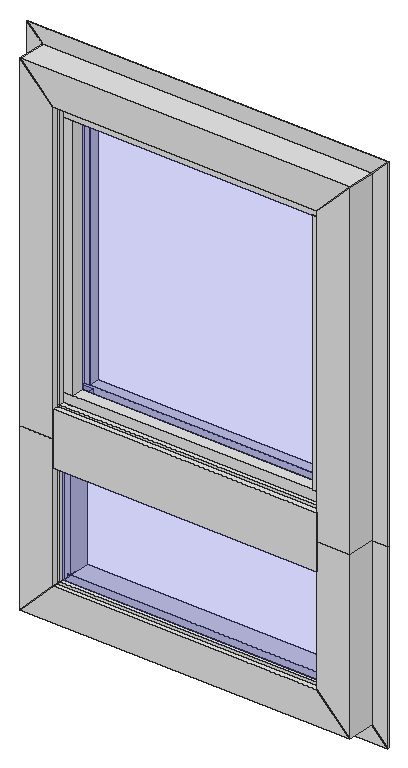
Revit family "511_CA_HR-A_nailfin", category Windows, host Wall, Revit 2016
Family settings
  Host = Wall
  OmniClass Number = 23.30.20.00
  OmniClass Title = Windows
  Always vertical = Yes
  Cut with Voids When Loaded = No
  Shared = No
  Room Calculation Point = No
Parameters (values of type "24x36")
  Rough Width = 4 1/2"
  Rough Height = 4 1/2"
  MLW4 = 1 / 8 * Width  # 3"
  MLW3 = 2.811"
  MLW2 = 3.62422"
  MLW1 = 3.2495"
  MLH = 1 / 2 * Bar Set  # 12"
  MDLW = 18"
  Interior Color [instance] = White
  Height = 36"
  Exterior Color [instance] = White
  Default Sill Height = 31.49606"
  Wall Closure = By host
  Width = 24"
  Bar Set = 24"
Types (36): name | MLW4 | MLH | MDLW | Interior Color | Height | Exterior Color | Width | Bar Set
  (no name) | 3" | 12" | 18" | White | 36" | White | 24" | 24"
  24x48 | 3" | 18" | 18" | none | 48" | none | 24" | 36"
  36x60 | 4 1/2" | 21" | 20" | none | 60" | none | 36" | 42"
  13.5x31.75Min | 1 11/16" | 9 7/8" | 20" | none | 31 3/4" | none | 13 1/2" | 19 3/4"
  36x120Max | 4 1/2" | 30" | 20" | none | 120" | none | 36" | 60"
  24x36 | 3" | 12" | 18" | White | 36" | White | 24" | 24"
  24x42 | 3" | 15" | 18" | none | 42" | none | 24" | 30"
  24x54 | 3" | 18" | 18" | none | 54" | none | 24" | 36"
  24x60 | 3" | 21" | 18" | none | 60" | none | 24" | 42"
  24x66 | 3" | 24" | 18" | none | 66" | none | 24" | 48"
  24x72 | 3" | 27" | 18" | none | 72" | none | 24" | 54"
  24x78 | 3" | 30" | 18" | none | 78" | none | 24" | 60"
  30x36 | 3 3/4" | 12" | 18" | none | 36" | none | 30" | 24"
  30x42 | 3 3/4" | 15" | 18" | none | 42" | none | 30" | 30"
  30x48 | 3 3/4" | 15" | 18" | none | 48" | none | 30" | 30"
  30x54 | 3 3/4" | 18" | 18" | none | 54" | none | 30" | 36"
  30x60 | 3 3/4" | 21" | 18" | none | 60" | none | 30" | 42"
  30x66 | 3 3/4" | 24" | 18" | none | 66" | none | 30" | 48"
  30x72 | 3 3/4" | 27" | 18" | none | 72" | none | 30" | 54"
  30x78 | 3 3/4" | 30" | 18" | none | 78" | none | 30" | 60"
  30x84 | 3 3/4" | 33" | 18" | none | 84" | none | 30" | 66"
  30x90 | 3 3/4" | 36" | 18" | none | 90" | none | 30" | 72"
  36x42 | 4 1/2" | 15" | 20" | none | 42" | none | 36" | 30"
  36x48 | 4 1/2" | 18" | 20" | none | 48" | none | 36" | 36"
  36x54 | 4 1/2" | 21" | 20" | none | 54" | none | 36" | 42"
  36x66 | 4 1/2" | 24" | 20" | none | 66" | none | 36" | 48"
  36x72 | 4 1/2" | 27" | 20" | none | 72" | none | 36" | 54"
  36x78 | 4 1/2" | 30" | 20" | none | 78" | none | 36" | 60"
  36x84 | 4 1/2" | 30" | 20" | none | 84" | none | 36" | 60"
  36x90 | 4 1/2" | 30" | 20" | none | 90" | none | 36" | 60"
  36x96 | 4 1/2" | 30" | 20" | none | 96" | none | 36" | 60"
  36x102 | 4 1/2" | 30" | 20" | none | 102" | none | 36" | 60"
  36x108 | 4 1/2" | 30" | 20" | none | 108" | none | 36" | 60"
  36x114 | 4 1/2" | 30" | 20" | none | 114" | none | 36" | 60"
  30x96 | 3 3/4" | 36" | 18" | none | 96" | none | 30" | 72"
  30x102 | 3 3/4" | 36" | 18" | none | 102" | none | 30" | 72"
Reference planes (in)
  plane 1 "Center (Front/Back)": y = 0
  plane 2 "Center (Left/Right)": x = 0
  plane 3 "Left": x = -12
  plane 4 "Right": x = 12
  plane 5 "Sill": z = 31.49606
  plane 6 "Head": z = 67.49606
  plane 7 "Exterior": y = 3.93701
  plane 8 "Interior": y = -3.93701
  plane 9 "Front of wall": y = 3.93701
  plane 10 "Bar Set": z = 43.49606
  plane 11: z = 33.55806
  plane 12: z = 89.43645
  plane 13: z = 64.74656
  plane 14: x = -9.938
  plane 15: x = -15.68628
  plane 16: x = 9.2505
  plane 17: x = 9.938
  plane 18 "MLW2": x = 8.7505
  plane 19: x = -9.2505
  plane 20: z = 41.87306
  plane 21: z = 45.80656
  plane 22: x = -8.7505
  plane 23 "Front of glass": y = 4.21901
Forms (in)
  Extrusion 1, solid, material "White" <- "Interior Color"
    sketch origin (12, 0, 0) x (0, -1, 0) y (0, 0, 1)
      loop
        line (-4.78995, 34.06142) -> (-4.78995, 32.14816) -> (-5.38701, 32.06425) -> (-5.38701, 31.47606) -> (-5.26201, 31.47606) -> (-5.26201, 31.51606) -> (-5.10865, 31.51606) -> (-5.07401, 31.49606) -> (-4.01201, 31.49606) -> (-4.01201, 30.37106) -> (-3.93701, 30.37106) -> (-3.93701, 31.49606) -> (-1.88701, 31.49606) -> (-1.88701, 33.87106) -> (-2.26201, 33.87106) -> (-2.26201, 34.05906) -> (-2.51251, 34.05806) -> (-2.51251, 33.55806) -> (-3.25701, 33.55806) -> (-3.25701, 34.06142) -> (-4.78995, 34.06142)
    from -1.125 to 25.125
  Extrusion 2, solid, material "White" <- "Interior Color"
    sketch origin (12, 0, 0) x (0, -1, 0) y (0, 0, 1)
      loop
        line (-2.58701, 64.93306) -> (-2.26201, 64.93306) -> (-2.26201, 65.12106) -> (-1.88701, 65.12106) -> (-1.88701, 67.49606) -> (-3.93701, 67.49606) -> (-3.93701, 68.62106) -> (-4.01201, 68.62106) -> (-4.01201, 67.49606) -> (-5.07401, 67.49606) -> (-5.09784, 67.47606) -> (-5.26201, 67.47606) -> (-5.26201, 67.51606) -> (-5.38701, 67.51606) -> (-5.38701, 66.92787) -> (-5.03701, 66.87868) -> (-5.03701, 64.87156) -> (-4.99701, 64.87156) -> (-4.99701, 64.30847) -> (-4.25691, 64.30847) -> (-4.21901, 64.28424) -> (-4.21901, 64.74656) -> (-3.47451, 64.74656) -> (-3.47451, 64.24656) -> (-2.58701, 64.24656) -> (-2.58701, 64.93306)
    from -1.125 to 25.125
  Extrusion 3, solid, material "White" <- "Interior Color"
    sketch origin (0, 0, 43.49606) x (1, 0, 0) y (0, 1, 0)
      loop
        line (11.38262, 5.03701) -> (9.3755, 5.03701) -> (9.3755, 4.99701) -> (8.8125, 4.99701) -> (8.8125, 4.25701) -> (8.7882, 4.21901) -> (9.2505, 4.21901) -> (9.2505, 3.47451) -> (8.7505, 3.47451) -> (8.7505, 2.58701) -> (9.437, 2.58701) -> (9.437, 2.26201) -> (9.625, 2.26201) -> (9.625, 1.88766) -> (12, 1.88766) -> (12, 3.93701) -> (13.125, 3.93701) -> (13.125, 4.01201) -> (12, 4.01201) -> (12, 5.07401) -> (11.98, 5.10257) -> (11.98, 5.26201) -> (12.02, 5.26201) -> (12.02, 5.38701) -> (11.43181, 5.38701) -> (11.38262, 5.03701)
    from 0 to 25.125
  Extrusion 4, solid, material "White" <- "Interior Color"
    sketch origin (0, 0, 31.49606) x (0, -1, 0) y (1, 0, 0)
      loop
        line (-4.01201, -12) -> (-4.01201, -13.125) -> (-3.93701, -13.125) -> (-3.93701, -12) -> (-1.88701, -12) -> (-1.88701, -9.625) -> (-2.26201, -9.625) -> (-2.26201, -9.437) -> (-2.51251, -9.437) -> (-2.51251, -9.938) -> (-3.25701, -9.938) -> (-3.25701, -9.43465) -> (-4.78995, -9.43465) -> (-4.78995, -11.3479) -> (-5.38701, -11.43181) -> (-5.38701, -12.02) -> (-5.26201, -12.02) -> (-5.26201, -11.98) -> (-5.10257, -11.98) -> (-5.07401, -12) -> (-4.01201, -12)
    from -1.125 to 12
  Extrusion 5, solid, material "White" <- "Interior Color"
    sketch origin (0, 0, 31.49606) x (0, -1, 0) y (1, 0, 0)
      loop
        line (-4.78995, 11.3479) -> (-4.78995, 9.43388) -> (-3.25701, 9.43388) -> (-3.25701, 9.938) -> (-2.51251, 9.938) -> (-2.51251, 9.438) -> (-2.26201, 9.438) -> (-2.26201, 9.625) -> (-1.88701, 9.625) -> (-1.88701, 12) -> (-3.93701, 12) -> (-3.93701, 13.125) -> (-4.01201, 13.125) -> (-4.01201, 12) -> (-5.07401, 12) -> (-5.10257, 11.98) -> (-5.26201, 11.98) -> (-5.26201, 12.02) -> (-5.38701, 12.02) -> (-5.38701, 11.43181) -> (-4.78995, 11.3479)
    from -1.125 to 12
  Sweep 6, void
    path in 3D
      loop
        line (7.65964, 9.24338, 67.49606) -> (7.65964, 3.93701, 67.49606)
    profile origin (7.65964, 6.59019, 67.49606) x (1, 0, 0) y (0, 0, 1)
      loop
        line (5.74842, 1.40806) -> (0.58224, 1.40806) -> (0.58224, -3.18759) -> (1.71586, -3.18759) -> (1.71586, -2.6245) -> (5.74842, 1.40806)
  Sweep 7, void
    path in 3D
      loop
        line (7.65964, 9.24338, 67.49606) -> (7.65964, 3.93701, 67.49606)
    profile origin (7.65964, 6.59019, 67.49606) x (1, 0, 0) y (0, 0, 1)
      loop
        line (1.71586, -2.6245) -> (1.71586, -3.72273) -> (5.86891, -3.72273) -> (5.86891, 1.52855) -> (1.71586, -2.6245)
  Sweep 8, void
    path in 3D
      loop
        line (8.89445, 8.88043, 43.49606) -> (8.89445, 3.93701, 43.49606)
    profile origin (8.89445, 6.40872, 43.49606) x (1, 0, 0) y (0, 0, 1)
      loop
        line (-0.96264, 2.7495) -> (-0.96264, -2.12731) -> (2.45345, -2.12731) -> (2.45345, -0.21078) -> (2.53736, -0.12687) -> (2.53736, 0.1307) -> (0.48105, 2.18701) -> (0.48105, 2.7495) -> (-0.96264, 2.7495)
  Sweep 9, void
    path in 3D
      loop
        line (-7.10379, 8.75385, 31.49606) -> (-7.10379, 3.93701, 31.49606)
    profile origin (-7.10379, 6.34543, 31.49606) x (1, 0, 0) y (0, 0, 1)
      loop
        line (-6.25297, -1.35676) -> (-1.915, -1.35676) -> (-1.915, 2.56535) -> (-4.24411, 2.56535) -> (-4.24411, 0.6521) -> (-6.25297, -1.35676)
  Sweep 10, void
    path in 3D
      loop
        line (8.14445, 9.10453, 31.49606) -> (8.14445, 3.93701, 31.49606)
    profile origin (8.14445, 6.52077, 31.49606) x (1, 0, 0) y (0, 0, 1)
      loop
        line (0.84583, 2.56535) -> (0.84583, -1.24027) -> (5.09583, -1.24027) -> (3.28736, 0.56819) -> (3.20345, 0.56819) -> (3.20345, 2.56535) -> (0.84583, 2.56535)
  Sweep 11, void
    path in 3D
      loop
        line (8.14445, 9.10453, 31.49606) -> (8.14445, 3.93701, 31.49606)
    profile origin (8.14445, 6.52077, 31.49606) x (1, 0, 0) y (0, 0, 1)
      loop
        line (3.28736, 3.06535) -> (3.28736, 0.56819) -> (5.40868, -1.55313) -> (5.40868, 3.06535) -> (3.28736, 3.06535)
  Extrusion 12, void
    sketch origin (0, 3.93701, 0) x (1, 0, 0) y (0, 0, 1)
      loop
        line (13.67949, 69.17555) -> (9.625, 65.12106) -> (9.625, 64.93306) -> (9.437, 64.93306) -> (9.437, 63.92014) -> (13.67949, 63.92014) -> (13.67949, 69.17555)
    from 0 to 12
  Extrusion 13, void
    sketch origin (0, 3.93701, 0) x (1, 0, 0) y (0, 0, 1)
      loop
        line (14, 69.49606) -> (8.687, 69.49606) -> (8.687, 64.24656) -> (9.437, 64.24656) -> (9.437, 64.93306) -> (9.625, 64.93306) -> (9.625, 65.12106) -> (14, 69.49606)
    from 0 to 12
  Extrusion 14, void
    sketch origin (0, 3.93701, 0) x (1, 0, 0) y (0, 0, 1)
      loop
        line (9.625, 34.25889) -> (9.625, 33.87106) -> (13.55313, 29.94293) -> (13.55313, 34.25889) -> (9.625, 34.25889)
    from 0 to 12
  Extrusion 15, void
    sketch origin (0, 3.93701, 0) x (1, 0, 0) y (0, 0, 1)
      loop
        line (9.625, 33.87106) -> (9.625, 34.05806) -> (8.875, 34.05806) -> (8.875, 29.7824) -> (13.71366, 29.7824) -> (9.625, 33.87106)
    from 0 to 12
  Extrusion 16, void
    sketch origin (0, 3.93701, 0) x (1, 0, 0) y (0, 0, 1)
      loop
        line (-9.00903, 34.05906) -> (-9.625, 34.05906) -> (-9.625, 33.87106) -> (-13.35676, 30.13931) -> (-9.00903, 30.13931) -> (-9.00903, 34.05906)
    from 0 to 12
  Extrusion 17, solid, material "Glass"
    sketch origin (0, 0, 43.49606) x (1, 0, 0) y (0, 1, 0)
      loop
        line (-9.2505, 4.21901) -> (-9.2505, 3.47451) -> (9.2505, 3.47451) -> (9.2505, 4.21901) -> (-9.2505, 4.21901)
    from 2.3105 to 21.2505
  Extrusion 18, solid, material "Glass"
    sketch origin (0, 0, 31.49606) x (0, -1, 0) y (1, 0, 0)
      loop
        line (-3.25701, 9.938) -> (-3.25701, -9.938) -> (-2.51251, -9.938) -> (-2.51251, 9.938) -> (-3.25701, 9.938)
    from 2.062 to 10.377
  Extrusion 19, solid, material "White" <- "Interior Color"
    sketch origin (0, 0, 43.49606) x (1, 0, 0) y (0, 1, 0)
      loop
        line (-11.38262, 5.03701) -> (-11.43181, 5.38701) -> (-12.02, 5.38701) -> (-12.02, 5.26201) -> (-11.98, 5.26201) -> (-11.98, 5.10257) -> (-12, 5.07401) -> (-12, 4.01201) -> (-13.125, 4.01201) -> (-13.125, 3.93701) -> (-12, 3.93701) -> (-12, 1.88766) -> (-9.625, 1.88766) -> (-9.625, 2.26201) -> (-9.437, 2.26201) -> (-9.437, 2.58701) -> (-8.7505, 2.58701) -> (-8.7505, 3.47451) -> (-9.2505, 3.47451) -> (-9.2505, 4.21901) -> (-8.7882, 4.21901) -> (-8.8125, 4.25701) -> (-8.8125, 4.99701) -> (-9.3755, 4.99701) -> (-9.3755, 5.03701) -> (-11.38262, 5.03701)
    from 0 to 25.125
  Extrusion 20, solid, material "White" <- "Interior Color"
    sketch origin (0, 0, 0) x (0, -1, 0) y (0, 0, 1)
      loop
        line (-2.26201, 41.55906) -> (-1.88701, 41.55906) -> (-1.88701, 45.43306) -> (-2.26201, 45.43306) -> (-2.26201, 45.62106) -> (-2.58701, 45.62106) -> (-2.58701, 46.30756) -> (-3.47451, 46.30756) -> (-3.47451, 45.80656) -> (-4.21901, 45.80656) -> (-4.21901, 46.26986) -> (-4.25701, 46.24556) -> (-4.99701, 46.24556) -> (-4.99701, 45.68307) -> (-5.03701, 45.68307) -> (-5.03701, 43.67544) -> (-5.30701, 43.6375) -> (-5.30701, 43.35463) -> (-4.78999, 43.28197) -> (-4.78999, 41.36876) -> (-3.25701, 41.36876) -> (-3.25701, 41.87306) -> (-2.51251, 41.87306) -> (-2.51251, 41.36876) -> (-2.26201, 41.36876) -> (-2.26201, 41.55906)
    from -12 to 12
  Sweep 21, void
    path in 3D
      loop
        line (-7.92648, 8.93799, 67.49606) -> (-7.92648, 3.93701, 67.49606)
    profile origin (-7.92648, 6.4375, 67.49606) x (1, 0, 0) y (0, 0, 1)
      loop
        line (-5.38592, 1.31241) -> (-1.44902, -2.6245) -> (-1.44902, -3.18759) -> (-0.61725, -3.18759) -> (-0.61725, 1.31241) -> (-5.38592, 1.31241)
  Sweep 22, void
    path in 3D
      loop
        line (-7.92648, 8.93799, 67.49606) -> (-7.92648, 3.93701, 67.49606)
    profile origin (-7.92648, 6.4375, 67.49606) x (1, 0, 0) y (0, 0, 1)
      loop
        line (-5.69902, 1.6255) -> (-5.69902, -3.48327) -> (-1.44902, -3.48327) -> (-1.44902, -2.6245) -> (-5.69902, 1.6255)
  Sweep 23, void
    path in 3D
      loop
        line (-6.04638, 8.55906, 43.49606) -> (-6.04638, 3.93701, 43.49606)
    profile origin (-6.04638, 6.24804, 43.49606) x (1, 0, 0) y (0, 0, 1)
      loop
        line (-5.38543, 0.14143) -> (-3.32912, 2.19774) -> (-3.32912, 3.20845) -> (-6.46129, 3.20845) -> (-6.46129, -2.35857) -> (-5.38543, -2.35857) -> (-5.38543, 0.14143)
  Sweep 24, void
    path in 3D
      loop
        line (-6.04638, 8.55906, 43.49606) -> (-6.04638, 3.93701, 43.49606)
    profile origin (-6.04638, 6.24804, 43.49606) x (1, 0, 0) y (0, 0, 1)
      loop
        line (-5.30152, 0.22534) -> (-5.38543, 0.14143) -> (-5.38543, -0.13018) -> (-5.30152, -0.21409) -> (-5.30152, -2.12731) -> (-2.20345, -2.12731) -> (-2.20345, 2.7495) -> (-3.32912, 2.7495) -> (-3.32912, 2.19774) -> (-5.30152, 0.22534)
  Sweep 25, void
    path in 3D
      loop
        line (8.89445, 8.88043, 43.49606) -> (8.89445, 3.93701, 43.49606)
    profile origin (8.89445, 6.40872, 43.49606) x (1, 0, 0) y (0, 0, 1)
      loop
        line (0.48105, 2.18701) -> (2.66806, 0) -> (2.66806, -2.5) -> (4.66806, -2.5) -> (4.66806, 3.43701) -> (0.48105, 3.43701) -> (0.48105, 2.18701)
  Sweep 26, void
    path in 3D
      loop
        line (-7.10379, 8.75385, 31.49606) -> (-7.10379, 3.93701, 31.49606)
    profile origin (-7.10379, 6.34543, 31.49606) x (1, 0, 0) y (0, 0, 1)
      loop
        line (-6.56669, -1.67048) -> (-4.24411, 0.6521) -> (-4.24411, 4.15387) -> (-6.56669, 4.15387) -> (-6.56669, -1.67048)
  Extrusion 27, void
    sketch origin (0, 3.93701, 0) x (1, 0, 0) y (0, 0, 1)
      loop
        line (-9.625, 34.87612) -> (-14.99123, 34.87612) -> (-14.99123, 28.50483) -> (-9.625, 33.87106) -> (-9.625, 34.87612)
    from 0 to 12
  Extrusion 28, void
    sketch origin (0, 3.93701, 0) x (1, 0, 0) y (0, 0, 1)
      loop
        line (9.437, 46.30756) -> (9.437, 45.62106) -> (9.625, 45.62106) -> (9.625, 40.78213) -> (12.875, 40.78213) -> (12.875, 46.30756) -> (9.437, 46.30756)
    from 0 to 12
  Extrusion 29, void
    sketch origin (0, 3.93701, 0) x (1, 0, 0) y (0, 0, 1)
      loop
        line (8.03638, 41.37089) -> (9.625, 41.37089) -> (9.625, 45.62106) -> (9.437, 45.62106) -> (9.437, 46.30756) -> (8.03638, 46.30756) -> (8.03638, 41.37089)
    from 0 to 12
  Extrusion 30, void
    sketch origin (0, 3.93701, 0) x (1, 0, 0) y (0, 0, 1)
      loop
        line (-8.27337, 46.30756) -> (-9.437, 46.30756) -> (-9.437, 45.62106) -> (-9.625, 45.62106) -> (-9.625, 39.98036) -> (-8.27337, 39.98036) -> (-8.27337, 46.30756)
    from 0 to 12
  Extrusion 31, void
    sketch origin (0, 3.93701, 0) x (1, 0, 0) y (0, 0, 1)
      loop
        line (-9.437, 46.45442) -> (-12.54638, 46.45442) -> (-12.54638, 40.7948) -> (-9.625, 40.7948) -> (-9.625, 45.62106) -> (-9.437, 45.62106) -> (-9.437, 46.45442)
    from 0 to 12
  Extrusion 32, void
    sketch origin (0, 3.93701, 0) x (1, 0, 0) y (0, 0, 1)
      loop
        line (-9.0005, 45.43306) -> (-9.0005, 45.62106) -> (-9.625, 45.62106) -> (-9.625, 45.43306) -> (-9.0005, 45.43306)
    from 0 to 12
  Extrusion 33, void
    sketch origin (0, 3.93701, 0) x (1, 0, 0) y (0, 0, 1)
      loop
        line (-8.15032, 46.30756) -> (-9.437, 46.30756) -> (-9.437, 45.62106) -> (-8.15032, 45.62106) -> (-8.15032, 46.30756)
    from 0 to 12
  Extrusion 34, void
    sketch origin (0, 3.93701, 0) x (1, 0, 0) y (0, 0, 1)
      loop
        line (-8.875, 41.36876) -> (-8.875, 41.55906) -> (-9.625, 41.55906) -> (-9.625, 41.36876) -> (-8.875, 41.36876)
    from 0 to 12
  Extrusion 35, void
    sketch origin (0, 3.93701, 0) x (1, 0, 0) y (0, 0, 1)
      loop
        line (-7.92648, 64.24656) -> (-7.92648, 69.13663) -> (-13.64057, 69.13663) -> (-9.625, 65.12106) -> (-9.625, 64.93306) -> (-9.437, 64.93306) -> (-9.437, 64.24656) -> (-7.92648, 64.24656)
    from 0 to 12
  Extrusion 36, void
    sketch origin (0, 3.93701, 0) x (1, 0, 0) y (0, 0, 1)
      loop
        line (-13.99016, 69.48622) -> (-13.99016, 63.65879) -> (-9.625, 63.65879) -> (-9.625, 65.12106) -> (-13.99016, 69.48622)
    from 0 to 12
Cuts and joins
  Sweep 6, Sweep 8, Extrusion 13, Extrusion 29 cuts Extrusion 3
  Sweep 7, Extrusion 12, Sweep 22, Extrusion 36 cuts Extrusion 2
  Sweep 8, Sweep 10, Extrusion 15, Extrusion 29 cuts Extrusion 5
  Sweep 9, Extrusion 16, Sweep 24, Extrusion 34 cuts Extrusion 4
  Sweep 11, Extrusion 14, Sweep 26, Extrusion 27 cuts Extrusion 1
  Sweep 21, Sweep 24, Extrusion 32, Extrusion 33, Extrusion 35 cuts Extrusion 19
  Sweep 23, Sweep 25, Extrusion 28, Extrusion 31 cuts Extrusion 20
  Extrusion 28, Extrusion 29, Extrusion 31, Extrusion 34 cuts Extrusion 18
  Extrusion 29, Extrusion 30 cuts Extrusion 17
Lines and regions (in)
  Opening 1
    outline origin (137.79528, -3.93701, 0) x (1, 0, 0) y (0, 0, 1)
      loop
        line (-125.79528, 31.49606) -> (-125.79528, 67.49606) -> (-149.79528, 67.49606) -> (-149.79528, 31.49606) -> (-125.79528, 31.49606)
  model lines
    curve 1: line (-9.938, 2.51251, 31.49606) -> (0.312, 2.51251, 31.49606)
    curve 2: line (0.312, 2.51251, 31.49606) -> (10.812, 2.51251, 31.49606)
    curve 23: line (8.74964, 4.21901, 46.30751) -> (-8.7505, 4.21901, 55.49606)
    curve 24: line (-8.7505, 4.21901, 55.49606) -> (8.7505, 4.21901, 64.24656)
    curve 29: line (2.5, 3.93701, 39.99606) -> (-2.5, 3.93701, 34.99606)
    curve 30: line (-2.5, 3.93701, 37.49606) -> (0, 3.93701, 39.99606)
    curve 31: line (0, 3.93701, 34.99606) -> (2.5, 3.93701, 37.49606)
  reference lines
    curve 3: line (-7.92648, 8.93799, 67.49606) -> (-7.92648, 3.93701, 67.49606)
    curve 4: line (-7.10379, 8.75385, 31.49606) -> (-7.10379, 3.93701, 31.49606)
    curve 5: line (-6.04638, 8.55906, 43.49606) -> (-6.04638, 3.93701, 43.49606)
    curve 6: line (7.65964, 9.24338, 67.49606) -> (7.65964, 3.93701, 67.49606)
    curve 7: line (8.14445, 9.10453, 31.49606) -> (8.14445, 3.93701, 31.49606)
    curve 8: line (8.89445, 8.88043, 43.49606) -> (8.89445, 3.93701, 43.49606)
    curve 21: line (8.7505, 3.93701, 64.24656) -> (-8.7505, 3.93701, 55.49606)
    curve 22: line (-8.7505, 3.93701, 55.49606) -> (8.7505, 3.93701, 46.30706)
    curve 25: line (2.5, 3.93701, 39.99606) -> (-2.5, 3.93701, 39.99606)
    curve 26: line (2.5, 3.93701, 34.99606) -> (2.5, 3.93701, 39.99606)
    curve 27: line (-2.5, 3.93701, 34.99606) -> (2.5, 3.93701, 34.99606)
    curve 28: line (-2.5, 3.93701, 39.99606) -> (-2.5, 3.93701, 34.99606)
    curve 32: line (0, 3.93701, 34.99606) -> (0, 3.93701, 41.49606)
    curve 33: line (2.5, 3.93701, 37.49606) -> (-1.92499, 3.93701, 37.49606)
    curve 36: line (2.5, 0, 39.99606) -> (-2.5, 0, 39.99606)
    curve 37: line (2.5, 0, 34.99606) -> (2.5, 0, 39.99606)
    curve 38: line (-2.5, 0, 34.99606) -> (2.5, 0, 34.99606)
    curve 39: line (-2.5, 0, 39.99606) -> (-2.5, 0, 34.99606)
    curve 40: line (0, 0, 34.99606) -> (0, 0, 42.49606)
    curve 41: line (2.5, 0, 37.49606) -> (-4.5, 0, 37.49606)
  sketch lines
    curve 9: line (7.65964, 9.24338, 67.49606) -> (7.65964, 3.93701, 67.49606)
    curve 10: line (7.65964, 9.24338, 67.49606) -> (7.65964, 3.93701, 67.49606)
    curve 11: line (8.89445, 8.88043, 43.49606) -> (8.89445, 3.93701, 43.49606)
    curve 12: line (-7.10379, 8.75385, 31.49606) -> (-7.10379, 3.93701, 31.49606)
    curve 13: line (8.14445, 9.10453, 31.49606) -> (8.14445, 3.93701, 31.49606)
    curve 14: line (8.14445, 9.10453, 31.49606) -> (8.14445, 3.93701, 31.49606)
    curve 15: line (-7.92648, 8.93799, 67.49606) -> (-7.92648, 3.93701, 67.49606)
    curve 16: line (-7.92648, 8.93799, 67.49606) -> (-7.92648, 3.93701, 67.49606)
    curve 17: line (-6.04638, 8.55906, 43.49606) -> (-6.04638, 3.93701, 43.49606)
    curve 18: line (-6.04638, 8.55906, 43.49606) -> (-6.04638, 3.93701, 43.49606)
    curve 19: line (8.89445, 8.88043, 43.49606) -> (8.89445, 3.93701, 43.49606)
    curve 20: line (-7.10379, 8.75385, 31.49606) -> (-7.10379, 3.93701, 31.49606)
  symbolic lines
    curve 34: line (8.7505, 3.93701, 64.24656) -> (-8.7505, 3.93701, 55.49606)
    curve 35: line (-8.7505, 3.93701, 55.49606) -> (8.74964, 3.93701, 46.30751)
    curve 42: line (0, 0, 34.99606) -> (2.5, 0, 37.49606)
    curve 43: line (0, 0, 39.99606) -> (-2.5, 0, 37.49606)
    curve 44: line (-2.5, 0, 34.99606) -> (2.5, 0, 39.99606)
Text (in)
  text "EXTERIOR" at (-77.29147, 52.45485, 0), in view "Ref. Level"
  text "INTERIOR" at (-78.01048, -32.21994, 0), in view "Ref. Level"
  text "Exterior" at (0, 36.36817, 115.8778), in view "Right"
  text "Exterior" at (0, 40.96394, 105.72475), in view "Left"
Dimensions and locks (in)
  equal spacing: plane 3 "Left", plane 2 "Center (Left/Right)", plane 4 "Right"
  "Width": plane 3 "Left" to plane 4 "Right"
  "Height": plane 5 "Sill" to plane 6 "Head"
  "Default Sill Height": plane 5 "Sill" to level
  locked: plane 7 "Exterior" to host wall at 0
  locked: plane 8 "Interior" to host wall
  "Bar Set": plane 10 "Bar Set" to plane 6 "Head"
  locked: plane 13 to plane 6 "Head" at 2.7495
  locked: Extrusion 1 sketch curve to plane 5 "Sill" at 1.125
  locked: plane 9 "Front of wall" to Extrusion 1 sketch curve at 2.05
  locked: Extrusion 1 sketch curve to Extrusion 1 sketch curve at 2.375
  locked: Extrusion 2 sketch curve to Extrusion 2 sketch curve at 2.375
  locked: plane 9 "Front of wall" to Extrusion 2 sketch curve at 2.05
  locked: plane 6 "Head" to Extrusion 2 sketch curve at 1.125
  locked: plane 16 to plane 4 "Right" at 2.7495
  locked: plane 3 "Left" to plane 14 at 2.062
  locked: Extrusion 3 sketch curve to plane 9 "Front of wall" at 2.04934
  locked: Extrusion 3 sketch curve to Extrusion 3 sketch curve at 2.375
  locked: plane 4 "Right" to Extrusion 3 sketch curve at 1.125
  locked: plane 17 to plane 4 "Right" at 2.062
  locked: Extrusion 4 sketch curve to plane 9 "Front of wall" at 2.05
  locked: Extrusion 4 sketch curve to Extrusion 4 sketch curve at 2.375
  locked: Extrusion 4 sketch curve to plane 3 "Left" at 1.125
  locked: Extrusion 5 sketch curve to Extrusion 5 sketch curve at 2.375
  locked: plane 9 "Front of wall" to Extrusion 5 sketch curve at 2.05
  locked: plane 4 "Right" to Extrusion 5 sketch curve at 1.125
  locked: Extrusion 17 sketch curve to plane 9 "Front of wall" at 0.4625
  locked: Extrusion 18 sketch curve to plane 9 "Front of wall" at 1.4245
  "MLW1": plane 18 "MLW2" to plane 4 "Right"
  locked: Extrusion 19 sketch curve to plane 9 "Front of wall" at 2.04934
  locked: Extrusion 19 sketch curve to Extrusion 19 sketch curve at 2.375
  locked: Extrusion 19 sketch curve to plane 3 "Left" at 1.125
  locked: plane 3 "Left" to plane 19 at 2.7495
  locked: Extrusion 20 sketch curve to plane 10 "Bar Set" at 1.937
  locked: plane 10 "Bar Set" to Extrusion 20 sketch curve at 1.937
  locked: plane 21 to plane 10 "Bar Set" at 2.3105
  locked: plane 10 "Bar Set" to plane 20 at 1.623
  "MLW1": plane 3 "Left" to plane 22
  "MLH": plane 10 "Bar Set" to curve 21
  "MLH": curve 22 to plane 6 "Head"
  "MLW1": curve 21 to plane 6 "Head"
  "MLW3": plane 10 "Bar Set" to curve 22
  locked: Extrusion 36 sketch curve to plane 3 "Left" at 1.99016
  locked: Extrusion 27 sketch curve to plane 3 "Left" at 2.99123
  locked: plane 23 "Front of glass" to plane 9 "Front of wall" at 0.282
  plane 5 "Sill" to plane 10 "Bar Set" = 12"
  plane 3 "Left" to plane 4 "Right" = 24"
  equal spacing: curve 30, curve 29, curve 31
  locked: curve 26 to curve 28 at 5
  locked: curve 27 to curve 25 at 5
  equal spacing: curve 28, curve 32, curve 26
  equal spacing: curve 27, curve 33, curve 25
  equal spacing: plane 5 "Sill", curve 33, plane 10 "Bar Set"
  equal spacing: plane 3 "Left", curve 32, plane 4 "Right"
  locked: curve 37 to curve 39 at 5
  locked: curve 38 to curve 36 at 5
  equal spacing: curve 39, curve 40, curve 37
  equal spacing: curve 38, curve 41, curve 36
  locked: curve 39 to curve 43 at 2.5
  locked: curve 39 to curve 42 at 2.5
  locked: curve 42 to curve 38 at 2.5
  locked: curve 43 to curve 38 at 2.5
  locked: curve 37 to curve 44 at 5
  equal spacing: plane 10 "Bar Set", curve 41, plane 5 "Sill"
  equal spacing: plane 3 "Left", curve 40, plane 4 "Right"
  aligned and locked: plane 9 "Front of wall" to host wall
  aligned and locked: Extrusion 1 sketch curve to plane 11
  aligned and locked: plane 5 "Sill" to Extrusion 1 sketch curve  (x2)
  aligned and locked: plane 13 to Extrusion 2 sketch curve
  aligned and locked: Extrusion 2 sketch curve to plane 6 "Head"  (x2)
  aligned and locked: plane 9 "Front of wall" to Extrusion 2 sketch curve
  aligned and locked: plane 9 "Front of wall" to Extrusion 3 sketch curve
  aligned and locked: Extrusion 3 sketch curve to plane 4 "Right"  (x2)
  aligned and locked: plane 16 to Extrusion 3 sketch curve
  aligned and locked: plane 9 "Front of wall" to Extrusion 4 sketch curve
  aligned and locked: plane 3 "Left" to Extrusion 4 sketch curve  (x2)
  aligned and locked: Extrusion 4 sketch curve to plane 14
  aligned and locked: plane 4 "Right" to Extrusion 5 sketch curve  (x2)
  aligned and locked: Extrusion 5 sketch curve to plane 9 "Front of wall"
  aligned and locked: Extrusion 5 sketch curve to plane 17
  aligned and locked: Extrusion 5 to Extrusion 1  (x2)
  aligned and locked: Extrusion 2 to Extrusion 3  (x2)
  aligned and locked: Extrusion 3 to plane 10 "Bar Set"
  aligned and locked: plane 10 "Bar Set" to Extrusion 4
  aligned and locked: plane 10 "Bar Set" to Extrusion 5
  aligned and locked: plane 9 "Front of wall" to curve 8
  aligned and locked: plane 9 "Front of wall" to curve 7
  aligned and locked: plane 9 "Front of wall" to curve 6
  aligned and locked: plane 9 "Front of wall" to curve 3
  aligned and locked: plane 9 "Front of wall" to curve 4
  aligned and locked: plane 9 "Front of wall" to curve 5
  aligned and locked: Extrusion 17 sketch curve to plane 16
  aligned and locked: Extrusion 18 sketch curve to plane 17
  aligned and locked: Extrusion 17 to plane 13
  aligned and locked: plane 11 to Extrusion 18
  aligned and locked: Extrusion 19 sketch curve to plane 3 "Left"
  aligned and locked: Extrusion 19 sketch curve to plane 9 "Front of wall"
  aligned and locked: plane 19 to Extrusion 19 sketch curve
  aligned and locked: plane 19 to Extrusion 17 sketch curve
  aligned and locked: plane 14 to Extrusion 18
  aligned and locked: Extrusion 20 sketch curve to plane 20
  aligned and locked: plane 21 to Extrusion 20 sketch curve
  aligned and locked: Extrusion 18 to plane 20
  aligned and locked: plane 21 to Extrusion 17
  aligned and locked: Extrusion 19 to cut or joined group of Extrusion 2, Sweep 7, Extrusion 12, Sweep 22, Extrusion 36  (x2)
  aligned and locked: plane 3 "Left" to Extrusion 20
  aligned and locked: cut or joined group of Extrusion 4, Sweep 9, Extrusion 16, Sweep 24, Extrusion 34 to cut or joined group of Extrusion 1, Sweep 11, Extrusion 14, Sweep 26, Extrusion 27
  aligned and locked: cut or joined group of Extrusion 1, Sweep 11, Extrusion 14, Sweep 26, Extrusion 27 to cut or joined group of Extrusion 4, Sweep 9, Extrusion 16, Sweep 24, Extrusion 34
  aligned and locked: Extrusion 20 to plane 4 "Right"
  aligned and locked: Extrusion 36 sketch curve to cut or joined group of Extrusion 19, Sweep 21, Sweep 24, Extrusion 32, Extrusion 33, Extrusion 35
  aligned and locked: plane 22 to curve 22
  aligned and locked: plane 22 to curve 21
  aligned and locked: plane 18 "MLW2" to curve 21
  aligned and locked: plane 18 "MLW2" to curve 22
  aligned and locked: curve 23 to curve 22
  aligned and locked: curve 24 to curve 21
  aligned and locked: Extrusion 27 sketch curve to cut or joined group of Extrusion 4, Sweep 9, Extrusion 16, Sweep 24, Extrusion 34
  aligned and locked: curve 25 to curve 28
  aligned and locked: curve 28 to curve 28
  aligned and locked: curve 26 to curve 26
  aligned and locked: curve 28 to curve 29
  aligned and locked: curve 29 to curve 25
  aligned and locked: curve 25 to curve 30
  aligned and locked: curve 28 to curve 30
  aligned and locked: curve 27 to curve 31
  aligned and locked: curve 26 to curve 31
  aligned and locked: curve 22 to curve 35
  aligned and locked: curve 21 to curve 34
  aligned and locked: curve 36 to curve 39
  aligned and locked: curve 39 to curve 39
  aligned and locked: curve 37 to curve 37
  aligned and locked: curve 39 to curve 43
  aligned and locked: curve 38 to curve 42
  aligned and locked: curve 37 to curve 42
  aligned and locked: curve 36 to curve 43
  aligned and locked: curve 37 to curve 44
  aligned and locked: curve 44 to curve 38
Automatic sketch dimensions
  curve 1 to plane 14 = 0"
  curve 1 to plane 2 "Center (Left/Right)" = 0.312"
  curve 1 to host wall = 1.4245"
  curve 2 to plane 17 = 0.874"
  plane 16 to curve 8 = 0.35605"
  curve 5 to curve 5 = 4.62205"
  curve 8 to curve 8 = 4.94342"
  curve 3 to plane 14 = 2.01152"
  host wall to curve 3 = 5.00098"
  plane 16 to curve 6 = 1.59086"
  host wall to curve 6 = 5.30637"
  curve 5 to plane 14 = 3.89162"
  curve 4 to plane 14 = 2.83421"
  host wall to curve 4 = 4.81684"
  plane 16 to curve 7 = 1.10605"
  host wall to curve 7 = 5.16752"
  Sweep 6 sketch curve to profile plane = 0.58224"
  Sweep 6 sketch curve to Sweep 6 sketch curve = 1.13362"
  Sweep 6 sketch curve to profile plane = 3.18759"
  Sweep 6 sketch curve to Sweep 6 sketch curve = 0.56309"
  Sweep 6 sketch curve to Sweep 6 sketch curve = 5.16617"
  profile plane to Sweep 6 sketch curve = 1.40806"
  Sweep 7 sketch curve to profile plane = 1.71586"
  Sweep 7 sketch curve to profile plane = 3.72273"
  Sweep 7 sketch curve to Sweep 7 sketch curve = 1.09823"
  profile plane to Sweep 7 sketch curve = 1.52855"
  Sweep 7 sketch curve to Sweep 7 sketch curve = 4.15305"
  profile plane to Sweep 8 sketch curve = 0.96264"
  Sweep 8 sketch curve to profile plane = 0.48105"
  profile plane to Sweep 8 sketch curve = 0.1307"
  Sweep 8 sketch curve to profile plane = 2.53736"
  Sweep 8 sketch curve to profile plane = 2.12731"
  profile plane to Sweep 8 sketch curve = 2.18701"
  Sweep 8 sketch curve to Sweep 8 sketch curve = 9/16"
  Sweep 8 sketch curve to profile plane = 0.21078"
  Sweep 8 sketch curve to Sweep 8 sketch curve = 0.08391"
  Sweep 8 sketch curve to profile plane = 0.12687"
  profile plane to Sweep 9 sketch curve = 4.24411"
  profile plane to Sweep 9 sketch curve = 1.915"
  profile plane to Sweep 9 sketch curve = 0.6521"
  profile plane to Sweep 9 sketch curve = 2.56535"
  Sweep 9 sketch curve to Sweep 9 sketch curve = 2.00886"
  Sweep 9 sketch curve to profile plane = 1.35676"
  Sweep 10 sketch curve to profile plane = 3.20345"
  profile plane to Sweep 10 sketch curve = 0.56819"
  Sweep 10 sketch curve to Sweep 10 sketch curve = 0.08391"
  Sweep 10 sketch curve to profile plane = 1.24027"
  Sweep 10 sketch curve to Sweep 10 sketch curve = 1.80846"
  Sweep 10 sketch curve to Sweep 10 sketch curve = 1.99716"
  Sweep 10 sketch curve to profile plane = 0.84583"
  profile plane to Sweep 11 sketch curve = 0.56819"
  Sweep 11 sketch curve to profile plane = 3.28736"
  Sweep 11 sketch curve to profile plane = 1.55313"
  Sweep 11 sketch curve to Sweep 11 sketch curve = 2.12132"
  profile plane to Sweep 11 sketch curve = 3.06535"
  plane 3 "Left" to Opening 1 sketch curve = 0"
  plane 4 "Right" to Opening 1 sketch curve = 0"
  Opening 1 sketch curve to plane 5 "Sill" = 0"
  Opening 1 sketch curve to plane 6 "Head" = 0"
  Extrusion 1 sketch curve to host wall = 0"
  Extrusion 1 sketch curve to Extrusion 1 sketch curve = 0.075"
  host wall to Extrusion 1 sketch curve = 0.85294"
  Extrusion 1 sketch curve to Extrusion 1 sketch curve = 0.28406"
  Extrusion 1 sketch curve to plane 5 "Sill" = 0.02"
  Extrusion 1 sketch curve to Extrusion 1 sketch curve = 0.03464"
  plane 5 "Sill" to Extrusion 1 sketch curve = 0.02"
  Extrusion 1 sketch curve to Extrusion 1 sketch curve = 0.15336"
  Extrusion 1 sketch curve to Extrusion 1 sketch curve = 1/8"
  Extrusion 1 sketch curve to host wall = 0.68"
  Extrusion 1 sketch curve to Extrusion 1 sketch curve = 0.2505"
  Extrusion 1 sketch curve to Extrusion 1 sketch curve = 0.54819"
  Extrusion 1 sketch curve to Extrusion 1 sketch curve = 0.08391"
  Extrusion 1 sketch curve to Extrusion 1 sketch curve = 0.188"
  Extrusion 2 sketch curve to Extrusion 2 sketch curve = 0.075"
  Extrusion 2 sketch curve to Extrusion 2 sketch curve = 0.0379"
  Extrusion 2 sketch curve to plane 13 = 1/8"
  Extrusion 2 sketch curve to Extrusion 2 sketch curve = 0.778"
  Extrusion 2 sketch curve to Extrusion 2 sketch curve = 0.04"
  Extrusion 2 sketch curve to Extrusion 2 sketch curve = 0.037"
  Extrusion 2 sketch curve to Extrusion 2 sketch curve = 0.02384"
  plane 6 "Head" to Extrusion 2 sketch curve = 0.02"
  Extrusion 2 sketch curve to Extrusion 2 sketch curve = 0.16416"
  plane 6 "Head" to Extrusion 2 sketch curve = 0.56819"
  Extrusion 2 sketch curve to Extrusion 2 sketch curve = 0.35"
  Extrusion 2 sketch curve to plane 13 = 0.1865"
  Extrusion 2 sketch curve to Extrusion 2 sketch curve = 0.7"
  Extrusion 2 sketch curve to Extrusion 2 sketch curve = 0.325"
  plane 13 to Extrusion 2 sketch curve = 0.43809"
  Extrusion 2 sketch curve to Extrusion 2 sketch curve = 0.02423"
  Extrusion 2 sketch curve to Extrusion 2 sketch curve = 0.04919"
  Extrusion 2 sketch curve to plane 6 "Head" = 0.02"
  Extrusion 3 sketch curve to plane 18 "MLW2" = 0"
  plane 18 "MLW2" to Extrusion 3 sketch curve = 0.0377"
  plane 18 "MLW2" to Extrusion 3 sketch curve = 0.062"
  Extrusion 3 sketch curve to plane 16 = 1/8"
  Extrusion 3 sketch curve to plane 16 = 0.1865"
  plane 4 "Right" to Extrusion 3 sketch curve = 0.61738"
  Extrusion 3 sketch curve to Extrusion 3 sketch curve = 0.04919"
  plane 4 "Right" to Extrusion 3 sketch curve = 0.02"
  Extrusion 3 sketch curve to plane 4 "Right" = 0.02"
  Extrusion 3 sketch curve to Extrusion 3 sketch curve = 0.37434"
  Extrusion 3 sketch curve to Extrusion 3 sketch curve = 0.325"
  Extrusion 3 sketch curve to host wall = 0.4625"
  host wall to Extrusion 3 sketch curve = 0.075"
  Extrusion 3 sketch curve to Extrusion 3 sketch curve = 0.038"
  Extrusion 3 sketch curve to Extrusion 3 sketch curve = 0.74001"
  Extrusion 3 sketch curve to Extrusion 3 sketch curve = 0.03999"
  Extrusion 3 sketch curve to Extrusion 3 sketch curve = 0.037"
  Extrusion 3 sketch curve to Extrusion 3 sketch curve = 0.02856"
  Extrusion 3 sketch curve to Extrusion 3 sketch curve = 0.15944"
  Extrusion 3 sketch curve to Extrusion 3 sketch curve = 1/8"
  host wall to Extrusion 4 sketch curve = 0.075"
  host wall to Extrusion 4 sketch curve = 0.85294"
  Extrusion 4 sketch curve to Extrusion 4 sketch curve = 0.28406"
  Extrusion 4 sketch curve to Extrusion 4 sketch curve = 0.02856"
  plane 3 "Left" to Extrusion 4 sketch curve = 0.02"
  Extrusion 4 sketch curve to Extrusion 4 sketch curve = 0.15944"
  Extrusion 4 sketch curve to plane 3 "Left" = 0.56819"
  Extrusion 4 sketch curve to Extrusion 4 sketch curve = 1/8"
  Extrusion 4 sketch curve to Extrusion 4 sketch curve = 0.2505"
  Extrusion 4 sketch curve to plane 3 "Left" = 0.02"
  Extrusion 4 sketch curve to Extrusion 4 sketch curve = 0.08391"
  Extrusion 4 sketch curve to Extrusion 4 sketch curve = 0.188"
  host wall to Extrusion 5 sketch curve = 0.075"
  Extrusion 5 sketch curve to plane 16 = 0.18338"
  host wall to Extrusion 5 sketch curve = 0.85294"
  Extrusion 5 sketch curve to Extrusion 5 sketch curve = 0.28406"
  Extrusion 5 sketch curve to Extrusion 5 sketch curve = 0.02856"
  Extrusion 5 sketch curve to plane 4 "Right" = 0.02"
  Extrusion 5 sketch curve to Extrusion 5 sketch curve = 0.15944"
  Extrusion 5 sketch curve to Extrusion 5 sketch curve = 1/8"
  Extrusion 5 sketch curve to host wall = 0.68"
  Extrusion 5 sketch curve to Extrusion 5 sketch curve = 0.2505"
  plane 4 "Right" to Extrusion 5 sketch curve = 0.6521"
  plane 4 "Right" to Extrusion 5 sketch curve = 0.56819"
  plane 4 "Right" to Extrusion 5 sketch curve = 0.02"
  Extrusion 12 sketch curve to plane 16 = 0.1865"
  Extrusion 12 sketch curve to Extrusion 12 sketch curve = 0.188"  (x2)
  Extrusion 12 sketch curve to plane 4 "Right" = 1.67949"
  plane 13 to Extrusion 12 sketch curve = 0.82642"
  Extrusion 12 sketch curve to plane 13 = 0.1865"
  Extrusion 12 sketch curve to plane 6 "Head" = 1.67949"
  Extrusion 13 sketch curve to plane 18 "MLW2" = 0.0635"
  Extrusion 13 sketch curve to plane 16 = 0.1865"
  Extrusion 13 sketch curve to Extrusion 13 sketch curve = 0.188"  (x2)
  Extrusion 13 sketch curve to plane 4 "Right" = 2"
  plane 13 to Extrusion 13 sketch curve = 1/2"
  Extrusion 13 sketch curve to plane 13 = 0.1865"
  Extrusion 13 sketch curve to plane 6 "Head" = 2"
  Extrusion 14 sketch curve to plane 16 = 0.3745"
  Extrusion 14 sketch curve to plane 11 = 0.70083"
  Extrusion 14 sketch curve to plane 4 "Right" = 1.55313"
  Extrusion 14 sketch curve to plane 11 = 0.313"
  plane 5 "Sill" to Extrusion 14 sketch curve = 1.55313"
  plane 3 "Left" to Extrusion 16 sketch curve = 1.35676"
  Extrusion 16 sketch curve to plane 14 = 0.313"
  Extrusion 16 sketch curve to Extrusion 16 sketch curve = 0.61597"
  plane 5 "Sill" to Extrusion 16 sketch curve = 1.35676"
  Extrusion 16 sketch curve to plane 11 = 0.313"
  Extrusion 16 sketch curve to Extrusion 16 sketch curve = 0.188"
  profile plane to Sweep 21 sketch curve = 1.44902"
  profile plane to Sweep 21 sketch curve = 0.61725"
  Sweep 21 sketch curve to profile plane = 3.18759"
  Sweep 21 sketch curve to Sweep 21 sketch curve = 0.56309"
  profile plane to Sweep 21 sketch curve = 1.31241"
  Sweep 21 sketch curve to Sweep 21 sketch curve = 4.76868"
  profile plane to Sweep 22 sketch curve = 1.44902"
  Sweep 22 sketch curve to profile plane = 3.48327"
  Sweep 22 sketch curve to Sweep 22 sketch curve = 0.85877"
  profile plane to Sweep 22 sketch curve = 1.6255"
  Sweep 22 sketch curve to Sweep 22 sketch curve = 4 1/4"
  Sweep 25 sketch curve to profile plane = 0"
  Sweep 25 sketch curve to profile plane = 0.48105"
  Sweep 25 sketch curve to profile plane = 2.66806"
  Sweep 25 sketch curve to Sweep 25 sketch curve = 2"
  Sweep 25 sketch curve to profile plane = 2 1/2"
  profile plane to Sweep 25 sketch curve = 2.18701"
  Sweep 25 sketch curve to Sweep 25 sketch curve = 1 1/4"
  Sweep 23 sketch curve to profile plane = 2.35857"
  profile plane to Sweep 23 sketch curve = 6.46129"
  Sweep 23 sketch curve to Sweep 23 sketch curve = 1.07586"
  profile plane to Sweep 23 sketch curve = 0.14143"
  profile plane to Sweep 23 sketch curve = 3.20845"
  Sweep 23 sketch curve to Sweep 23 sketch curve = 2.05631"
  Sweep 23 sketch curve to Sweep 23 sketch curve = 1.01071"
  Sweep 26 sketch curve to profile plane = 1.67048"
  profile plane to Sweep 26 sketch curve = 6.56669"
  profile plane to Sweep 26 sketch curve = 0.6521"
  Sweep 26 sketch curve to Sweep 26 sketch curve = 2.32258"
  profile plane to Sweep 26 sketch curve = 4.15387"
  plane 18 "MLW2" to Extrusion 15 sketch curve = 0.1245"
  plane 17 to Extrusion 15 sketch curve = 0.313"
  Extrusion 15 sketch curve to plane 4 "Right" = 1.71366"
  plane 5 "Sill" to Extrusion 15 sketch curve = 1.71366"
  Extrusion 15 sketch curve to plane 11 = 0.313"
  Extrusion 15 sketch curve to Extrusion 15 sketch curve = 0.187"
  Extrusion 28 sketch curve to plane 16 = 0.1865"
  Extrusion 28 sketch curve to Extrusion 28 sketch curve = 0.188"
  plane 20 to Extrusion 28 sketch curve = 1.09094"
  plane 21 to Extrusion 28 sketch curve = 0.1855"
  Extrusion 28 sketch curve to plane 21 = 0.501"
  Extrusion 28 sketch curve to plane 4 "Right" = 7/8"
  Extrusion 29 sketch curve to plane 16 = 0.1865"
  plane 17 to Extrusion 29 sketch curve = 0.313"
  plane 21 to Extrusion 29 sketch curve = 0.1855"
  Extrusion 29 sketch curve to plane 21 = 0.501"
  Extrusion 29 sketch curve to plane 18 "MLW2" = 0.71412"
  plane 20 to Extrusion 29 sketch curve = 0.50217"
  Extrusion 30 sketch curve to plane 14 = 0.313"
  plane 19 to Extrusion 30 sketch curve = 0.1865"
  plane 20 to Extrusion 30 sketch curve = 1.8927"
  plane 21 to Extrusion 30 sketch curve = 0.1855"
  Extrusion 30 sketch curve to plane 21 = 0.501"
  Extrusion 30 sketch curve to plane 19 = 0.97713"
  plane 10 "Bar Set" to Extrusion 20 sketch curve = 0.14143"
  host wall to Extrusion 20 sketch curve = 1.37"
  plane 10 "Bar Set" to Extrusion 20 sketch curve = 0.17938"
  Extrusion 20 sketch curve to Extrusion 20 sketch curve = 0.27"
  Extrusion 20 sketch curve to Extrusion 20 sketch curve = 0.03999"
  host wall to Extrusion 20 sketch curve = 0.85298"
  host wall to Extrusion 20 sketch curve = 0.32"
  Extrusion 20 sketch curve to Extrusion 20 sketch curve = 0.038"
  Extrusion 20 sketch curve to host wall = 0.68"
  plane 21 to Extrusion 20 sketch curve = 0.1855"
  Extrusion 20 sketch curve to Extrusion 20 sketch curve = 0.325"
  Extrusion 20 sketch curve to Extrusion 20 sketch curve = 0.2505"
  Extrusion 20 sketch curve to Extrusion 20 sketch curve = 3/8"
  plane 20 to Extrusion 20 sketch curve = 0.50431"
  Extrusion 20 sketch curve to plane 10 "Bar Set" = 0.21409"
  Extrusion 20 sketch curve to plane 10 "Bar Set" = 0.14143"
  plane 21 to Extrusion 20 sketch curve = 0.12349"
  Extrusion 20 sketch curve to plane 21 = 0.439"
  Extrusion 20 sketch curve to Extrusion 20 sketch curve = 0.0243"
  plane 3 "Left" to Extrusion 31 sketch curve = 0.54638"
  Extrusion 31 sketch curve to plane 14 = 0.313"
  plane 19 to Extrusion 31 sketch curve = 0.1865"
  plane 20 to Extrusion 31 sketch curve = 1.07826"
  plane 21 to Extrusion 31 sketch curve = 0.1855"
  Extrusion 31 sketch curve to plane 21 = 0.64785"
  Extrusion 19 sketch curve to plane 3 "Left" = 0"
  plane 3 "Left" to Extrusion 19 sketch curve = 0.02"
  Extrusion 19 sketch curve to plane 3 "Left" = 0.02"
  Extrusion 19 sketch curve to Extrusion 19 sketch curve = 0.54819"
  Extrusion 19 sketch curve to Extrusion 19 sketch curve = 0.04919"
  plane 19 to Extrusion 19 sketch curve = 0.1865"
  plane 19 to Extrusion 19 sketch curve = 1/8"
  Extrusion 19 sketch curve to plane 19 = 0.438"
  Extrusion 19 sketch curve to Extrusion 19 sketch curve = 0.0243"
  Extrusion 19 sketch curve to plane 19 = 1/2"
  Extrusion 19 sketch curve to Extrusion 19 sketch curve = 0.37434"
  Extrusion 19 sketch curve to Extrusion 19 sketch curve = 0.325"
  Extrusion 19 sketch curve to host wall = 0.4625"
  host wall to Extrusion 19 sketch curve = 0.075"
  Extrusion 19 sketch curve to Extrusion 19 sketch curve = 0.038"
  Extrusion 19 sketch curve to Extrusion 19 sketch curve = 0.74001"
  Extrusion 19 sketch curve to Extrusion 19 sketch curve = 0.03999"
  Extrusion 19 sketch curve to Extrusion 19 sketch curve = 0.037"
  Extrusion 19 sketch curve to Extrusion 19 sketch curve = 0.02856"
  Extrusion 19 sketch curve to Extrusion 19 sketch curve = 0.15944"
  Extrusion 19 sketch curve to Extrusion 19 sketch curve = 0.35"
  profile plane to Sweep 24 sketch curve = 0.14143"
  profile plane to Sweep 24 sketch curve = 5.38543"
  profile plane to Sweep 24 sketch curve = 0.22534"
  Sweep 24 sketch curve to Sweep 24 sketch curve = 0.08391"  (x2)
  Sweep 24 sketch curve to Sweep 24 sketch curve = 1.9724"
  Sweep 24 sketch curve to Sweep 24 sketch curve = 1.12567"
  Sweep 24 sketch curve to profile plane = 2.12731"
  profile plane to Sweep 24 sketch curve = 2.19774"
  Sweep 24 sketch curve to Sweep 24 sketch curve = 0.55176"
  Sweep 24 sketch curve to profile plane = 0.13018"
  Sweep 24 sketch curve to profile plane = 0.21409"
  Extrusion 32 sketch curve to plane 14 = 0.313"
  plane 21 to Extrusion 32 sketch curve = 0.3735"
  plane 21 to Extrusion 32 sketch curve = 0.1855"
  Extrusion 32 sketch curve to plane 19 = 1/4"
  plane 19 to Extrusion 33 sketch curve = 0.1865"
  Extrusion 33 sketch curve to plane 21 = 0.501"
  Extrusion 33 sketch curve to plane 19 = 1.10018"
  plane 21 to Extrusion 33 sketch curve = 0.1855"
  Extrusion 34 sketch curve to plane 14 = 0.313"
  plane 20 to Extrusion 34 sketch curve = 0.50431"
  Extrusion 34 sketch curve to Extrusion 34 sketch curve = 0.19031"
  Extrusion 34 sketch curve to plane 19 = 0.3755"
  plane 3 "Left" to Extrusion 35 sketch curve = 1.64057"
  Extrusion 35 sketch curve to plane 14 = 0.313"
  plane 19 to Extrusion 35 sketch curve = 0.1865"
  plane 13 to Extrusion 35 sketch curve = 1/2"
  Extrusion 35 sketch curve to plane 13 = 0.1865"
  Extrusion 35 sketch curve to Extrusion 35 sketch curve = 0.188"
  Extrusion 35 sketch curve to plane 6 "Head" = 1.64057"
  Extrusion 35 sketch curve to plane 19 = 1.32402"
  Extrusion 36 sketch curve to plane 14 = 0.313"
  plane 13 to Extrusion 36 sketch curve = 1.08777"
  plane 5 "Sill" to Extrusion 27 sketch curve = 2.99123"
  Extrusion 27 sketch curve to plane 11 = 0.313"
  Extrusion 27 sketch curve to plane 11 = 1.31806"
  plane 18 "MLW2" to curve 24 = 0"
  curve 23 to plane 18 "MLW2" = 0.00086"
  curve 29 to curve 31 = 2 1/2"
  curve 30 to curve 31 = 2 1/2"
  curve 30 to curve 29 = 2 1/2"
  curve 31 to curve 29 = 2 1/2"
  curve 25 to curve 32 = 1 1/2"
  plane 2 "Center (Left/Right)" to curve 33 = 1.92499"
  curve 34 to plane 18 "MLW2" = 0"
  curve 35 to plane 18 "MLW2" = 0.00086"
  curve 36 to curve 40 = 2 1/2"
  curve 44 to curve 43 = 0"
  curve 41 to curve 36 = 2"
  Extrusion 19 sketch curve to plane 23 "Front of glass" = 0"
  Extrusion 3 sketch curve to plane 23 "Front of glass" = 0"
  Extrusion 17 sketch curve to plane 23 "Front of glass" = 0"
  Extrusion 4 sketch curve to Extrusion 4 sketch curve = 0.6255"
  plane 19 to Extrusion 4 sketch curve = 0.18415"
  Extrusion 4 sketch curve to host wall = 0.68"
  Extrusion 5 sketch curve to plane 16 = 3/16"
  Extrusion 5 sketch curve to Extrusion 5 sketch curve = 0.6255"
  Extrusion 20 sketch curve to plane 21 = 0.501"
  Extrusion 20 sketch curve to host wall = 0.4625"
  Extrusion 20 sketch curve to Extrusion 20 sketch curve = 0.8875"
  Extrusion 20 sketch curve to Extrusion 20 sketch curve = 0.19031"
  Extrusion 20 sketch curve to Extrusion 20 sketch curve = 0.7445"
  Extrusion 1 sketch curve to Extrusion 1 sketch curve = 0.6255"
  Extrusion 1 sketch curve to Extrusion 1 sketch curve = 0.001"
  Extrusion 1 sketch curve to plane 11 = 0.50335"
  Extrusion 2 sketch curve to plane 23 "Front of glass" = 0"
  Extrusion 2 sketch curve to host wall = 0.4625"
  plane 13 to Extrusion 2 sketch curve = 1/2"
  Extrusion 18 sketch curve to plane 14 = 0"
  Extrusion 18 sketch curve to host wall = 0.68"
